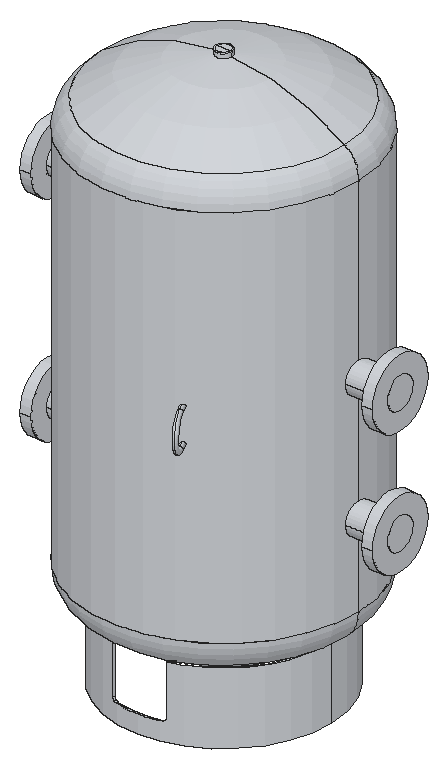
Revit family "HWBT-200-3-3-125 and 150", category Mechanical Equipment, Revit 2014
Parameters (values of type "HWBT-200-3-3-125 and 150")
  Tank Weight = "518 lbs @ 125, 570 lbs @ 150"
  Tank Volume = "200 Gal"
  Tank Height = "62 1/2\""
  Tank Diameter = "30\""
  Note = "All dimensions and weights are approximate"
  Maximum Acceptance Volume = "N/A"
  Max Operating Temp = "450° F"
  Max Operating Pressure = "125psi, or 150psi (depending on model)"
  Connector Size = "3\""
Reference planes (in)
  plane 1 "Center (Front/Back)": y = 0
  plane 2: z = 0
  plane 3 "Center (Left/Right)": x = 0
Forms (in)
  Extrusion 1, solid
    sketch origin (0, 0, 0) x (1, 0, 0) y (0, 1, 0)
      loop
        circle (0, 0) r 12
      loop
        circle (0, 0) r 11.8125
    from 0 to 8
  Extrusion 2, void
    sketch origin (0, 0, 0) x (1, 0, 0) y (0, 0, 1)
      loop
        line (-3, 8) -> (-3, 2.5)
        arc (-3, 2.5) -> (-2.85355, 2.14645) -> (-2.5, 2) r 0.5
        line (-2.5, 2) -> (2.5, 2)
        arc (2.5, 2) -> (2.85355, 2.14645) -> (3, 2.5) r 0.5
        line (3, 2.5) -> (3, 9) -> (-3, 9) -> (-3, 8)
    from 0 to 15
  Sweep 3, solid
    path origin (-1.4721, 2.49238, -12.95065) x (0.434898, -0.90048, 0) y (0, 0, 1)
      loop
        line (17.83546, 48.42089) -> (18.83546, 48.42089)
        arc (18.83546, 48.42089) -> (20.71046, 46.54589) -> (18.83546, 44.67089) r 1.875
        line (18.83546, 44.67089) -> (17.83546, 44.67089)
    profile origin (6.50194, -14.01833, 35.47024) x (0, 0, 1) y (-0.90048, -0.434898, 0)
      loop
        circle (0, 0) r 0.25
  Revolve 4, solid
    sketch origin (0, 0, 0) x (1, 0, 0) y (0, 0, 1)
      loop
        line (0, 62.94192) -> (-0.80591, 62.94192)
        arc (-0.80591, 62.94192) -> (-0.85014, 62.9236) -> (-0.86845, 62.87938) r 0.06254
        line (-0.86845, 62.87938) -> (-0.88433, 62.42476)
        arc (-0.88433, 62.42476) -> (-7.51355, 61.16163) -> (-13.4779, 58.00431) r 22.686
        arc (-13.4779, 58.00431) -> (-14.59792, 56.67722) -> (-15, 54.98786) r 3.75
        line (-15, 54.98786) -> (-15, 12.13614)
        arc (-15, 12.13614) -> (-14.59792, 10.44678) -> (-13.4779, 9.11969) r 3.75
        arc (-13.4779, 9.11969) -> (-7.51355, 5.96237) -> (-0.88433, 4.69924) r 22.686
        line (-0.88433, 4.69924) -> (-0.86845, 4.24462)
        arc (-0.86845, 4.24462) -> (-0.85014, 4.2004) -> (-0.80591, 4.18208) r 0.06254
        line (-0.80591, 4.18208) -> (0, 4.18208) -> (0, 62.94192)
      axis (0, 62.94192) -> (0, 4.18208)
    angle from 0 to 360
  Extrusion 5, solid
    sketch origin (0, 0, 0) x (0, 1, 0) y (0, 0, 1)
      loop
        circle (0, 21.5) r 1.75
      loop
        circle (0, 35.5) r 1.75
    from 0 to 19.5625
  Extrusion 6, solid
    sketch origin (0, 0, 0) x (0, 1, 0) y (0, 0, 1)
      loop
        circle (0, 21.5) r 1.75
      loop
        circle (0, 45.624) r 1.75
    from 0 to -19.5625
  Extrusion 7, solid
    sketch origin (0, 0, 0) x (0, 1, 0) y (0, 0, 1)
      loop
        circle (0, 21.5) r 3.8125
      loop
        circle (0, 35.5) r 3.8125
    from 18.375 to 19.5625
  Extrusion 8, solid
    sketch origin (0, 0, 0) x (0, 1, 0) y (0, 0, 1)
      loop
        circle (0, 21.5) r 3.8125
      loop
        circle (0, 45.624) r 3.8125
    from -18.375 to -19.5625
Cuts and joins
  Extrusion 2 cuts Extrusion 1
Dimensions and locks (in)
  aligned and locked: level to plane 2
